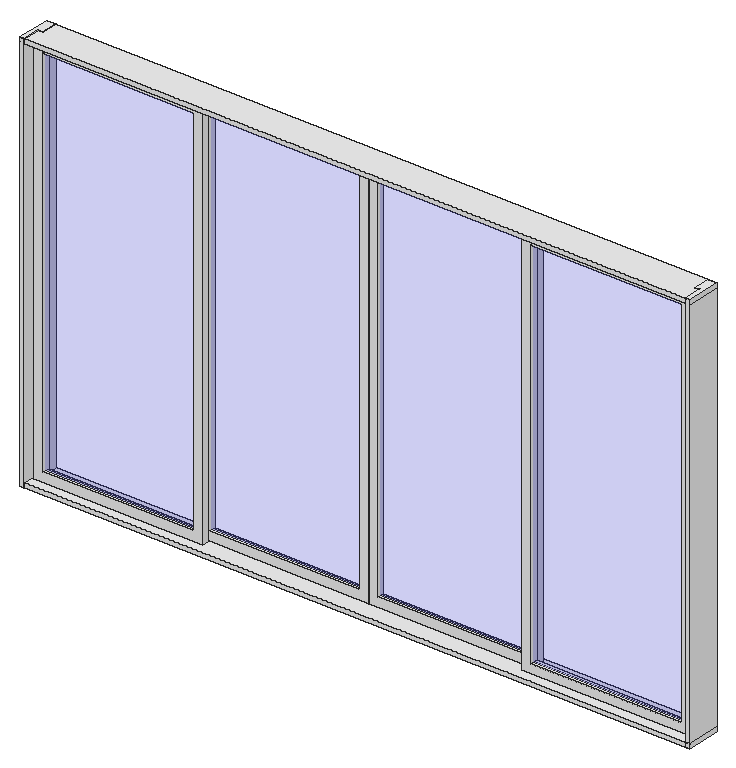
Revit family
Parameters (values of type "1800x3000 mm")
  프레임 = 양여닫이창 프레임재료
  유리 재료 = 양여닫이창 유리 재료
  Height = 1800 mm
  기본 씰 높이 = 900 mm
  Wall Closure = (empty or 0)
  Width = 3000 mm
Reference planes
  plane 1: y = 39
  plane 2 "중심(왼쪽/오른쪽)": x = 0
  plane 3 "왼쪽": x = -1500
  plane 4 "오른쪽": x = 1500
  plane 5 "씰": z = 900
  plane 6 "헤드": z = 2700
  plane 7 "외부": y = 75
  plane 8 "내부": y = -125
  plane 9: x = -735
  plane 10: x = 735
  plane 11: x = -1470
  plane 12: x = 1470
  plane 13: x = -1480
  plane 14: x = -1460
  plane 15: y = 33
  plane 16: x = 1480
  plane 17: x = 1460
  plane 18: y = 3
  plane 19: y = -3
  plane 20: y = -33
  plane 21: y = -75
  plane 22: z = 920
  plane 23: z = 2680
  plane 24: x = -715
  plane 25: x = -755
  plane 26: x = -1430
  plane 27: x = 755
  plane 28: x = 715
  plane 29: x = 1430
  plane 30: z = 2640
  plane 31: z = 960
  plane 32: y = -22
  plane 33: y = 22
  plane 34: y = 14
Forms (mm)
  Extrusion 1, solid, material "양여닫이창 프레임재료" <- "프레임"
    sketch origin (0, 0, 0) x (1, 0, 0) y (0, 1, 0)
      loop
        line (-1500, 75) -> (-1500, -75) -> (-1480, -75) -> (-1480, 3) -> (-1460, 3) -> (-1460, 75) -> (-1500, 75)
    from 900 to 2700
  Extrusion 2, solid, material "양여닫이창 프레임재료" <- "프레임"
    sketch origin (0, 0, 0) x (1, 0, 0) y (0, 1, 0)
      loop
        line (1500, 75) -> (1460, 75) -> (1460, 3) -> (1480, 3) -> (1480, -75) -> (1500, -75) -> (1500, 75)
    from 900 to 2700
  Extrusion 3, solid, material "양여닫이창 프레임재료" <- "프레임"
    sketch origin (0, 0, 0) x (1, 0, 0) y (0, 1, 0)
      loop
        line (-1500, 75) -> (-1500, -75) -> (1500, -75) -> (1500, 75) -> (-1500, 75)
    from 900 to 920
  Extrusion 4, solid, material "양여닫이창 프레임재료" <- "프레임"
    sketch origin (0, 0, 1620) x (1, 0, 0) y (0, 1, 0)
      loop
        line (-1500, 75) -> (-1500, -75) -> (1500, -75) -> (1500, 75) -> (-1500, 75)
    from 1060 to 1080
  Sweep 5, solid, material "양여닫이창 프레임재료" <- "프레임"
    path origin (1170, -33, 1000) x (1, 0, 0) y (0, 0, 1)
      loop
        line (-2640, -80) -> (-1885, -80) -> (-1885, 1680) -> (-2640, 1680) -> (-2640, -80)
    profile origin (-715, -33, 920) x (-1, 0, 0) y (0, -1, 0)
      loop
        line (0, 0) -> (0, -30) -> (40, -30) -> (40, 0) -> (0, 0)
  Extrusion 6, solid, material "양여닫이창 유리 재료" <- "유리 재료"
    sketch origin (0, -100, 0) x (1, 0, 0) y (0, 1, 0)
      loop
        line (-1430, 78) -> (-755, 78) -> (-755, 86) -> (-1430, 86) -> (-1430, 78)
    from 960 to 2640
  Sweep 7, solid, material "양여닫이창 프레임재료" <- "프레임"
    path origin (2905, -33, 1000) x (1, 0, 0) y (0, 0, 1)
      loop
        line (-2190, -80) -> (-1435, -80) -> (-1435, 1680) -> (-2190, 1680) -> (-2190, -80)
    profile origin (1470, -33, 920) x (-1, 0, 0) y (0, -1, 0)
      loop
        line (0, 0) -> (0, -30) -> (40, -30) -> (40, 0) -> (0, 0)
  Extrusion 8, solid, material "양여닫이창 유리 재료" <- "유리 재료"
    sketch origin (1735, -51, 0) x (1, 0, 0) y (0, 1, 0)
      loop
        line (-980, 28) -> (-305, 28) -> (-305, 36) -> (-980, 36) -> (-980, 28)
    from 960 to 2640
  Sweep 9, solid, material "양여닫이창 프레임재료" <- "프레임"
    path origin (1735, 3, 1000) x (1, 0, 0) y (0, 0, 1)
      loop
        line (-2490, -80) -> (-1735, -80) -> (-1735, 1680) -> (-2490, 1680) -> (-2490, -80)
    profile origin (0, 3, 920) x (-1, 0, 0) y (0, -1, 0)
      loop
        line (0, 0) -> (0, -30) -> (40, -30) -> (40, 0) -> (0, 0)
  Extrusion 10, solid, material "양여닫이창 유리 재료" <- "유리 재료"
    sketch origin (565, 36, 0) x (1, 0, 0) y (0, 1, 0)
      loop
        line (-1280, -22) -> (-605, -22) -> (-605, -14) -> (-1280, -14) -> (-1280, -22)
    from 960 to 2640
  Sweep 11, solid, material "양여닫이창 프레임재료" <- "프레임"
    path origin (2340, 3, 1000) x (1, 0, 0) y (0, 0, 1)
      loop
        line (-2340, -80) -> (-1585, -80) -> (-1585, 1680) -> (-2340, 1680) -> (-2340, -80)
    profile origin (755, 3, 920) x (-1, 0, 0) y (0, -1, 0)
      loop
        line (0, 0) -> (0, -30) -> (40, -30) -> (40, 0) -> (0, 0)
  Extrusion 12, solid, material "양여닫이창 유리 재료" <- "유리 재료"
    sketch origin (1170, 36, 0) x (1, 0, 0) y (0, 1, 0)
      loop
        line (-1130, -22) -> (-455, -22) -> (-455, -14) -> (-1130, -14) -> (-1130, -22)
    from 960 to 2640
Lines and regions (mm)
  Opening 1
    outline origin (3500, -125, 0) x (1, 0, 0) y (0, 0, 1)
      loop
        line (-2000, 900) -> (-2000, 2700) -> (-5000, 2700) -> (-5000, 900) -> (-2000, 900)
  Masking region 1
    outline origin (0, 0, 0) x (1, 0, 0) y (0, 1, 0)
      loop
        line (-1500, 75) -> (-1500, -125) -> (1500, -125) -> (1500, 75) -> (-1500, 75)
  symbolic lines
    curve 1: line (-1500, 75, 0) -> (1500, 75, 0)
    curve 2: line (-1500, -125, 0) -> (1500, -125, 0)
    curve 3: line (-1500, -22, 0) -> (1500, -22, 0)
Text (mm)
  text "외부" at (-1963.203, 1332.353, 0), in view "참조 레벨"
  text "내부" at (-1981.466, -818.386, 0), in view "참조 레벨"
  text "외부" at (0, 923.751, 2943.296), in view "오른쪽"
  text "외부" at (0, 1040.484, 2685.409), in view "왼쪽"
Dimensions and locks
  equal spacing: plane 3 "왼쪽", plane 2 "중심(왼쪽/오른쪽)", plane 4 "오른쪽"
  "Width": plane 3 "왼쪽" to plane 4 "오른쪽"
  "Height": plane 5 "씰" to plane 6 "헤드"
  "기본 씰 높이": plane 5 "씰" to level
  locked: plane 7 "외부" to host wall at 0
  locked: plane 8 "내부" to host wall
  equal spacing: plane 11, plane 9, plane 2 "중심(왼쪽/오른쪽)"
  equal spacing: plane 2 "중심(왼쪽/오른쪽)", plane 10, plane 12
  locked: plane 3 "왼쪽" to plane 11 at 30
  locked: plane 12 to plane 4 "오른쪽" at 30
  locked: plane 3 "왼쪽" to plane 13 at 20
  locked: plane 11 to plane 14 at 10
  locked: plane 16 to plane 4 "오른쪽" at 20
  locked: plane 17 to plane 12 at 10
  locked: plane 5 "씰" to plane 22 at 20
  locked: plane 23 to plane 6 "헤드" at 20
  locked: plane 11 to plane 26 at 40
  plane 25 to plane 9 to plane 24 = 20 mm locked, 20 mm locked
  plane 28 to plane 10 to plane 27 = 20 mm locked, 20 mm locked
  locked: plane 29 to plane 12 at 40
  locked: plane 30 to plane 23 at 40
  locked: plane 22 to plane 31 at 40
  locked: plane 15 to plane 7 "외부" at 42
  plane 15 to plane 33 to plane 34 = 11 mm locked, 8 mm locked
  locked: plane 18 to plane 15 at 30
  locked: plane 19 to plane 18 at 6
  locked: plane 20 to plane 19 at 30
  locked: plane 21 to plane 20 at 42
  plane 20 to Extrusion 6 to Extrusion 6 = 11 mm locked, 8 mm locked
  Sweep 7 to Extrusion 8 to Extrusion 8 = 10 mm locked, 8 mm locked
  locked: plane 15 to plane 1 at 6
  aligned and locked: Extrusion 1 sketch curve to plane 21
  aligned and locked: Extrusion 1 sketch curve to plane 3 "왼쪽"
  aligned and locked: plane 13 to Extrusion 1 sketch curve
  aligned and locked: plane 14 to Extrusion 1 sketch curve
  aligned and locked: plane 7 "외부" to Extrusion 1 sketch curve
  aligned and locked: Extrusion 1 to host wall
  aligned and locked: Extrusion 2 sketch curve to plane 4 "오른쪽"
  aligned and locked: plane 21 to Extrusion 2 sketch curve
  aligned and locked: plane 16 to Extrusion 2 sketch curve
  aligned and locked: plane 17 to Extrusion 2 sketch curve
  aligned and locked: Extrusion 2 sketch curve to plane 7 "외부"
  aligned and locked: Extrusion 2 to plane 6 "헤드"
  aligned and locked: plane 5 "씰" to Extrusion 2
  aligned and locked: Extrusion 3 sketch curve to Extrusion 1
  aligned and locked: Extrusion 3 sketch curve to host wall
  aligned and locked: plane 21 to Extrusion 3 sketch curve
  aligned and locked: Extrusion 3 sketch curve to Extrusion 2
  aligned and locked: Extrusion 3 to host wall
  aligned and locked: Extrusion 3 to plane 22
  aligned and locked: Extrusion 4 to plane 6 "헤드"
  aligned and locked: plane 23 to Extrusion 4
  aligned and locked: plane 11 to Sweep 5 sketch curve
  aligned and locked: plane 22 to Sweep 5 sketch curve
  aligned and locked: plane 23 to Sweep 5 sketch curve
  aligned and locked: Sweep 5 sketch curve to plane 24
  aligned and locked: plane 24 to Sweep 5 sketch curve
  aligned and locked: Sweep 5 sketch curve to plane 20
  aligned and locked: plane 19 to Sweep 5 sketch curve
  aligned and locked: Sweep 5 sketch curve to plane 25
  aligned and locked: plane 26 to Extrusion 6 sketch curve
  aligned and locked: Extrusion 6 sketch curve to plane 25
  aligned and locked: Extrusion 8 to Sweep 7  (x2)
  aligned and locked: Extrusion 10 to Sweep 9  (x2)
  aligned and locked: Extrusion 12 to Sweep 11  (x2)
  aligned and locked: Extrusion 4 to Extrusion 2
  aligned and locked: Sweep 7 to plane 19
  aligned and locked: plane 20 to Sweep 7
  aligned and locked: Extrusion 10 to plane 34
  aligned and locked: Extrusion 12 to plane 34
  aligned and locked: plane 33 to Extrusion 12
  aligned and locked: Extrusion 12 to Extrusion 10
  aligned and locked: Sweep 9 to plane 15
  aligned and locked: Sweep 11 to plane 15
  aligned and locked: plane 15 to Sweep 11 sketch curve
  aligned and locked: Sweep 11 sketch curve to plane 18
  aligned and locked: plane 27 to Sweep 11 sketch curve
  aligned and locked: Sweep 11 sketch curve to plane 28
  aligned and locked: Sweep 9 sketch curve to plane 2 "중심(왼쪽/오른쪽)"
  aligned and locked: plane 15 to Sweep 9 sketch curve
  aligned and locked: Sweep 9 sketch curve to plane 18
  aligned and locked: plane 18 to Extrusion 1
  aligned and locked: plane 18 to Extrusion 2
  aligned and locked: plane 31 to Extrusion 6
  aligned and locked: Extrusion 6 to plane 30
  aligned and locked: plane 5 "씰" to Extrusion 3
  aligned and locked: plane 22 to Sweep 7
  aligned and locked: plane 22 to Sweep 11
  aligned and locked: plane 22 to Sweep 9
  aligned and locked: plane 22 to Sweep 5
  aligned and locked: Sweep 5 to plane 31
  aligned and locked: Sweep 9 to plane 31
  aligned and locked: Sweep 11 to plane 31
  aligned and locked: Sweep 7 to plane 31
  aligned and locked: Sweep 7 to plane 23
  aligned and locked: Sweep 11 to plane 23
  aligned and locked: Sweep 9 to plane 23
  aligned and locked: Sweep 5 to plane 23
  aligned and locked: plane 30 to Sweep 7
  aligned and locked: plane 30 to Sweep 11
  aligned and locked: plane 30 to Sweep 9
  aligned and locked: plane 30 to Sweep 5
  aligned and locked: plane 6 "헤드" to Opening 1 sketch curve
  aligned and locked: Extrusion 1 to plane 6 "헤드"
  aligned and locked: plane 3 "왼쪽" to curve 1
  aligned and locked: plane 4 "오른쪽" to curve 1
  aligned and locked: plane 7 "외부" to curve 1
  aligned and locked: plane 4 "오른쪽" to curve 2
  aligned and locked: plane 3 "왼쪽" to curve 2
  aligned and locked: plane 8 "내부" to curve 2
  aligned and locked: plane 3 "왼쪽" to curve 3
  aligned and locked: plane 4 "오른쪽" to curve 3
  aligned and locked: curve 3 to plane 32
  aligned and locked: Masking region 1 sketch curve to plane 3 "왼쪽"
  aligned and locked: plane 4 "오른쪽" to Masking region 1 sketch curve
  aligned and locked: plane 7 "외부" to Masking region 1 sketch curve
  aligned and locked: Masking region 1 sketch curve to plane 8 "내부"
Automatic sketch dimensions
  Opening 1 sketch curve to plane 3 "왼쪽" = 0 mm
  Opening 1 sketch curve to plane 4 "오른쪽" = 0 mm
  Opening 1 sketch curve to plane 5 "씰" = 0 mm
  plane 1 to Extrusion 2 sketch curve = 36 mm
  Extrusion 4 sketch curve to plane 3 "왼쪽" = 0 mm
  Extrusion 4 sketch curve to plane 4 "오른쪽" = 0 mm
  Extrusion 4 sketch curve to plane 21 = 0 mm
  Extrusion 4 sketch curve to host wall = 0 mm
  Extrusion 6 sketch curve to host wall = 103 mm
  Extrusion 6 sketch curve to Extrusion 6 sketch curve = 8 mm
  Sweep 7 sketch curve to plane 23 = 0 mm
  Sweep 7 sketch curve to plane 28 = 0 mm
  Sweep 7 sketch curve to plane 12 = 0 mm
  Sweep 7 sketch curve to plane 22 = 0 mm
  Sweep 7 sketch curve to profile plane = 0 mm
  Sweep 7 sketch curve to plane 20 = 0 mm
  Sweep 7 sketch curve to Sweep 7 sketch curve = 40 mm
  Sweep 7 sketch curve to plane 20 = 30 mm
  Extrusion 8 sketch curve to plane 27 = 0 mm
  Extrusion 8 sketch curve to plane 29 = 0 mm
  Extrusion 8 sketch curve to host wall = 102 mm
  Extrusion 8 sketch curve to Extrusion 8 sketch curve = 8 mm
  Sweep 9 sketch curve to plane 23 = 0 mm
  Sweep 9 sketch curve to plane 25 = 0 mm
  Sweep 9 sketch curve to plane 2 "중심(왼쪽/오른쪽)" = 0 mm
  Sweep 9 sketch curve to plane 22 = 0 mm
  Sweep 9 sketch curve to profile plane = 40 mm
  Extrusion 10 sketch curve to plane 24 = 0 mm
  Extrusion 10 sketch curve to plane 33 = 0 mm
  Extrusion 10 sketch curve to plane 34 = 0 mm
  Extrusion 10 sketch curve to plane 2 "중심(왼쪽/오른쪽)" = 40 mm
  Sweep 11 sketch curve to plane 2 "중심(왼쪽/오른쪽)" = 0 mm
  Sweep 11 sketch curve to plane 23 = 0 mm
  Sweep 11 sketch curve to plane 27 = 0 mm
  Sweep 11 sketch curve to plane 22 = 0 mm
  Extrusion 12 sketch curve to plane 33 = 0 mm
  Extrusion 12 sketch curve to plane 34 = 0 mm
  Extrusion 12 sketch curve to plane 28 = 0 mm
  plane 2 "중심(왼쪽/오른쪽)" to Extrusion 12 sketch curve = 40 mm
  plane 1 to Extrusion 1 sketch curve = 36 mm
